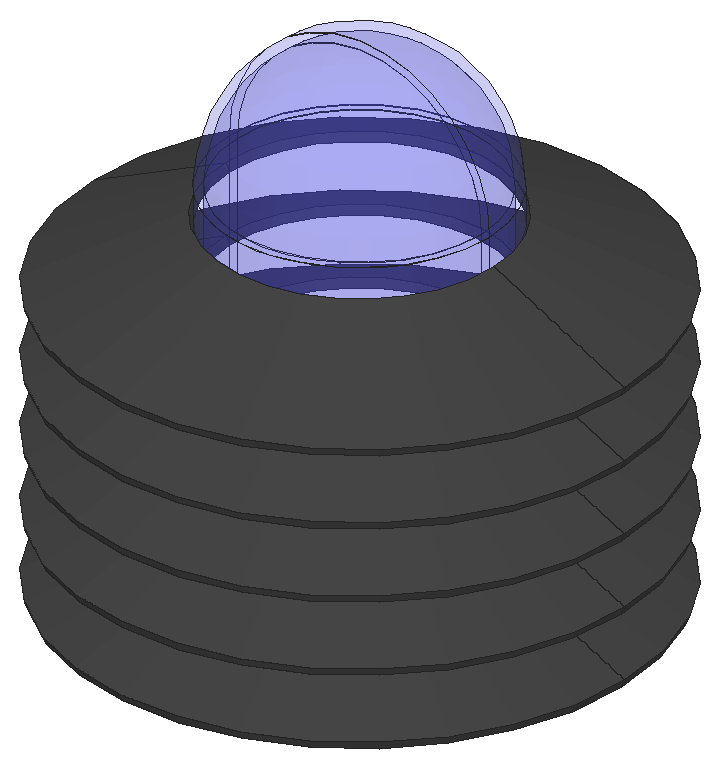
Revit family "B30", category Lighting Fixtures, Revit 2021
Family settings
  Round Connector Dimension = Use Diameter
  Part Type = Normal
  OmniClass Number = 23.80.70.14
  OmniClass Title = Luminaries for External Lighting
  Work Plane-Based = No
  Always vertical = Yes
  Cut with Voids When Loaded = No
  Light Source = Yes
  Shared = No
  Room Calculation Point = No
Parameters (values of type "B30")
  Wattage Comments = "default"
  Wattage = 12.1178 W
  built-in parameter 1150110 = 1 (stored number, unit not read)
  Voltage = 120 V
  URL = "https://www.currentlighting.com/kimlighting"
  Type Comments = "Lighted Bollard"  # constant formula
  built-in parameter 1114217 = 1 (stored number, unit not read)
  Tilt Angle = 90.00°
  built-in parameter 1150109 = 1 (stored number, unit not read)
  built-in parameter 1150134 = (empty or 0)
  built-in parameter 1150113 = 1 (stored number, unit not read)
  Series = "Traditional Bollards"  # constant formula
  Radius = Diameter / 2  # 0' - 4"
  Product Page URL = ""
  Product Documentation Link = ""
  Power Factor = 1
  Photometric Web File = "b30-8r-10l3k.ies"
  Photometric Notes = "More IES files download on Photometric Web Link"  # constant formula
  Number of Poles = 1
  Model = "B30 Traditional Bollards"  # constant formula
  MasterFormat Title = "Landscape Lighting, Site Lighting, Walkway Lighting"  # constant formula
  Manufacturer = "Kim Lighting"  # constant formula
  Lumens = 1800 lm
  built-in parameter 1150115 = 1 (stored number, unit not read)
  built-in parameter 1150105 = 143.24 (stored number, unit not read)
  Load Classification = Lighting
  built-in parameter 1150137 = (empty or 0)
  built-in parameter 1150139 = (empty or 0)
  built-in parameter 1150112 = 1 (stored number, unit not read)
  built-in parameter 1150114 = 1 (stored number, unit not read)
  Lamp = "LED"  # constant formula
  built-in parameter 1150132 = 2
  built-in parameter 1150102 = (empty or 0)
  built-in parameter 1150138 = (empty or 0)
  built-in parameter 1150107 = 3000 (stored number, unit not read)
  built-in parameter 1150106 = 1.4324 (stored number, unit not read)
  Height = 3' - 6"
  Glass = GlassTemper Molded
  Finish = Powder Coat-Black
  built-in parameter 1150104 = 13.8 (stored number, unit not read)
  Dimming Lamp Color Temperature Shift = <None>
  Diameter = 0' - 8"  # constant formula
  Description = "The B30 Traditional Bollard is clean, simple and precise. The exclusive Kim optical louver system achieves broad light distribution with low glare yet high visibility.\r\n\r\nExclusive Kim optical louver system achieves a broad distribution with low glare\r\nBattery back-up, emergency battery pack and houseside shield options"  # constant formula
  Default Elevation = 0' - 0"
  Color Filter = 16777215
  built-in parameter 1114218 = 1 (stored number, unit not read)
  built-in parameter 1150133 = 10 (stored number, unit not read)
  Assembly Code = "D5020200"
  Apparent Load = 0 VA
Reference planes (in)
  plane 1 "Light Source Axis (F/B)": y = 0
  plane 2: z = 0
  plane 3 "Light Source Axis (L/R)": x = 0
  plane 4 "Light Source Elevation": z = 36
  plane 5 "Left": x = -4
  plane 6 "Right": x = 4
  plane 7 "Back": y = 4
  plane 8 "Front": y = -4
  plane 9 "Top": z = 42
  plane 10: z = 33
  plane 11: z = 38
Forms (in)
  Revolve 1, solid, material "Powder Coat-Black" <- "Finish", detail levels medium+fine
    sketch origin (0, 0, 0) x (1, 0, 0) y (0, 0, 1)
      loop
        line (-4, 33) -> (-1.98859, 33.93794) -> (-2.04141, 34.05123) -> (-4.05283, 33.11329) -> (-4, 33)
      loop
        line (-4, 34) -> (-1.98859, 34.93794) -> (-2.04141, 35.05123) -> (-4.05283, 34.11329) -> (-4, 34)
      loop
        line (-4, 35) -> (-1.98859, 35.93794) -> (-2.04141, 36.05123) -> (-4.05283, 35.11329) -> (-4, 35)
      loop
        line (-4, 36) -> (-1.98859, 36.93794) -> (-2.04141, 37.05123) -> (-4.05283, 36.11329) -> (-4, 36)
      loop
        line (-4, 37) -> (-1.98859, 37.93794) -> (-2.04141, 38.05123) -> (-4.05283, 37.11329) -> (-4, 37)
      axis (0, 33) -> (0, 38.05123)
    angle from 0 to 360
  Revolve 2, solid, material "GlassTemper Molded" <- "Glass", detail levels medium+fine
    sketch origin (0, 0, 0) x (1, 0, 0) y (0, 0, 1)
      loop
        line (-1.98859, 33) -> (-1.86359, 33) -> (-1.86359, 38.43794)
        arc (-1.86359, 38.43794) -> (-1.31776, 39.75569) -> (0, 40.30152) r 1.86359
        line (0, 40.30152) -> (0, 40.42652)
        arc (0, 40.42652) -> (-1.40614, 39.84408) -> (-1.98859, 38.43794) r 1.98859
        line (-1.98859, 38.43794) -> (-1.98859, 33)
      axis (0, 33) -> (0, 40.42652)
    angle from 0 to 360
  Revolve 3, solid, material "Powder Coat-Black" <- "Finish", detail levels coarse
    sketch origin (0, 0, 0) x (1, 0, 0) y (0, 0, 1)
      loop
        line (-4, 0) -> (0, 0) -> (0, 33) -> (-4, 33) -> (-4, 0)
      loop
        line (-4, 38) -> (0, 38) -> (0, 42) -> (-3.25, 42)
        arc (-3.25, 42) -> (-3.78033, 41.78033) -> (-4, 41.25) r 0.75
        line (-4, 41.25) -> (-4, 38)
      axis (0, 42) -> (0, 0)
    angle from 0 to 360
Lines and regions (in)
  Masking region 1
    outline origin (0, 0, 0) x (1, 0, 0) y (0, 1, 0)
      loop
        circle (0, 0) r 4
  symbolic lines, style "LightingFixturesHiddenLines", detail levels fine
    curve 1: circle (-1.76777, 1.76777, 0) r 0.1875 normal (0, 0, 1)
    curve 2: circle (1.76777, 1.76777, 0) r 0.1875 normal (0, 0, -1)
    curve 3: circle (-1.76777, -1.76777, 0) r 0.1875 normal (0, 0, -1)
    curve 4: circle (1.76777, -1.76777, 0) r 0.1875 normal (0, 0, 1)
  symbolic lines, style "LightingFixturesHiddenLines", detail levels medium+fine
    curve 5: circle (0, 0, 0) r 1.875 normal (0, 0, 1)
Dimensions and locks (in)
  equal spacing: plane 7 "Back", plane 1 "Light Source Axis (F/B)", plane 8 "Front"
  "Diameter": plane 7 "Back" to plane 8 "Front"
  equal spacing: plane 5 "Left", plane 3 "Light Source Axis (L/R)", plane 6 "Right"
  "Diameter": plane 5 "Left" to plane 6 "Right"
  "Height": plane 9 "Top" to level
  imposter light to Revolve 2 sketch curve to Revolve 2 sketch curve = 0' - 1.86359" locked, 0' - 0 1/8" locked
  Revolve 2 sketch curve to Revolve 2 sketch curve to Revolve 2 sketch curve to Revolve 2 sketch curve to plane 10 = 0' - 0 1/8" locked, 0' - 1.86359" locked, 0' - 0" locked, 0' - 5.43794" locked
  locked: curve 3 to plane 8 "Front" at 2.23223
  locked: plane 7 "Back" to curve 1 at 2.23223
  locked: plane 7 "Back" to curve 2 at 2.23223
  locked: curve 4 to plane 8 "Front" at 2.23223
  locked: plane 5 "Left" to curve 1 at 2.23223
  locked: plane 5 "Left" to curve 3 at 2.23223
  locked: curve 2 to plane 6 "Right" at 2.23223
  locked: curve 4 to plane 6 "Right" at 2.23223
  locked: curve 5 to plane 1 "Light Source Axis (F/B)" at 0
  locked: curve 5 to plane 3 "Light Source Axis (L/R)" at 0
  plane 9 "Top" to plane 11 to plane 4 "Light Source Elevation" to plane 10 = 0' - 4" locked, 0' - 2" locked, 0' - 3" locked
  Revolve 1 sketch curve to Revolve 1 sketch curve to Revolve 1 sketch curve to Revolve 1 sketch curve to Revolve 1 sketch curve to Revolve 1 sketch curve to Revolve 1 sketch curve to Revolve 1 sketch curve to Revolve 1 sketch curve to Revolve 1 sketch curve to Revolve 1 sketch curve to Revolve 1 sketch curve to Revolve 1 sketch curve to Revolve 1 sketch curve to Revolve 1 sketch curve to Revolve 1 sketch curve to Revolve 1 sketch curve to Revolve 1 sketch curve to Revolve 1 sketch curve to plane 10 to Revolve 1 sketch curve = 0' - 0 29/256" locked, 0' - 0.82465" locked, 0' - 0.06206" locked, 0' - 0.05123" locked, 0' - 0.06206" locked, 0' - 0.82465" locked, 0' - 0.06206" locked, 0' - 0.05123" locked, 0' - 0.06206" locked, 0' - 0.82465" locked, 0' - 0.06206" locked, 0' - 0.05123" locked, 0' - 0.06206" locked, 0' - 0.82465" locked, 0' - 0.06206" locked, 0' - 0.05123" locked, 0' - 0.06206" locked, 0' - 0.82465" locked, 0' - 0 29/256" locked, 0' - 0" locked
  Revolve 1 sketch curve to plane 5 "Left" to Revolve 1 sketch curve to Revolve 1 sketch curve to Revolve 1 sketch curve = 0' - 0.05283" locked, 0' - 0" locked, 0' - 1.95859" locked, 0' - 0.05283" locked  (x5)
  locked: plane 1 "Light Source Axis (F/B)" to Masking region 1 sketch curve at 0
  locked: plane 3 "Light Source Axis (L/R)" to Masking region 1 sketch curve at 0
  "Radius": radius of Masking region 1 sketch curve
  aligned and locked: plane 3 "Light Source Axis (L/R)" to imposter light
  aligned and locked: plane 1 "Light Source Axis (F/B)" to imposter light
  aligned and locked: plane 4 "Light Source Elevation" to imposter light
  aligned and locked: plane 3 "Light Source Axis (L/R)" to Revolve 1 sketch curve
  aligned and locked: Revolve 2 sketch curve to plane 3 "Light Source Axis (L/R)"
  aligned and locked: Revolve 2 sketch curve to plane 10
  aligned and locked: plane 3 "Light Source Axis (L/R)" to Revolve 2 sketch curve
  aligned and locked: plane 3 "Light Source Axis (L/R)" to Revolve 3 sketch curve
  aligned and locked: Revolve 3 sketch curve to plane 11
  aligned and locked: plane 5 "Left" to Revolve 3 sketch curve
  aligned and locked: Revolve 3 sketch curve to plane 5 "Left"
  aligned and locked: Revolve 3 sketch curve to plane 3 "Light Source Axis (L/R)"  (x2)
  aligned and locked: Revolve 3 sketch curve to plane 10
  aligned and locked: level to Revolve 3 sketch curve
Automatic sketch dimensions
  Revolve 2 sketch curve to plane 10 = 0' - 1 1/4"
  Revolve 2 sketch curve to Revolve 2 sketch curve = 0' - 0.57348"
  Revolve 1 sketch curve to plane 10 = 0' - 1.37171"
  plane 11 to Revolve 1 sketch curve = 0' - 1.12829"
  Revolve 3 sketch curve to plane 9 "Top" = 0' - 0"
  Revolve 3 sketch curve to plane 5 "Left" = 0' - 0 3/4"
  Revolve 3 sketch curve to level = 0' - 7 1/2"
  Revolve 3 sketch curve to Revolve 3 sketch curve = 0' - 5 1/2"
  radius of curve 1 = 0' - 0 3/16"
  radius of curve 2 = 0' - 0 3/16"
  radius of curve 3 = 0' - 0 3/16"
  radius of curve 4 = 0' - 0 3/16"
  radius of curve 5 = 0' - 1 7/8"
Nested families (in)
  nested 1: "Notation" at (0, 4.62623, 0), type "Notation"
Connectors (in)
  electrical at (0, 0, 0), driven by "Load Classification"
    settings: on Revolve 3, index 1, voltage 120 V, apparent load 25 VA, apparent load phase1 0 VA, apparent load phase2 0 VA, apparent load phase3 0 VA, power factor 1, load classification "Lighting", number of poles 1, system type 30, power factor state 1, is connector primary yes, connector utility no, sub classification motor no, connector description "Lighting connector"
Definition of nested family "Notation"
  Parameters
    Notation = "LF"
  Reference planes (in)
    plane 1: y = 0
    plane 2: x = 0
  Text (in)
    label "Notation" at (0.02149, 0.07192, 0), shows "Notation"
